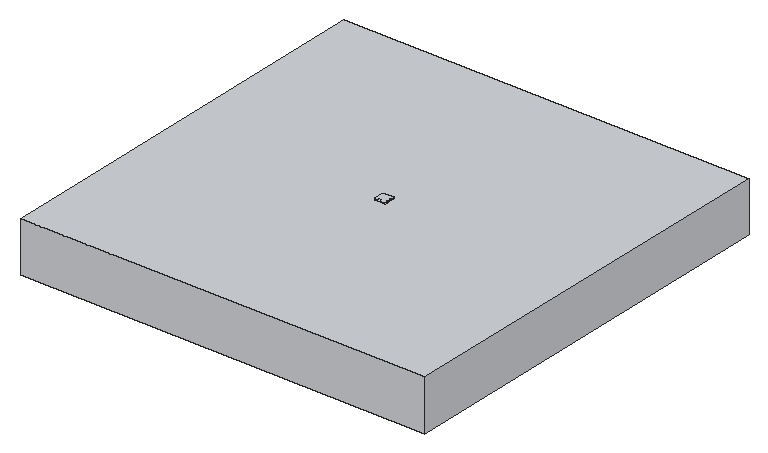
Revit family "Gira_541000rfa", category Allgemeines Modell, Revit 2017
Family settings
  Basisbauteil = Fläche
  Kann Basisbauteil für Bewehrung sein = Nein
  Bemaßung runder Anschluss = Durchmesser verwenden
  Teiletyp = Normal
  Beim Laden mit Abzugskörper schneiden = Nein
  Gemeinsam genutzt = Nein
  Raumberechnungspunkt = Nein
Parameters
  With memory function = no
  With glass breaking detector connection = no
  With brightness sensor connection = no
  With N-busbar = no
  With Astro program = no
  Default Elevation = 1219.2 mm
  URL = "https://www.gira.de/"
  Typname = "S3000 impulse insert Insert"
  Type of load = "Other"
  Type of fastening = "Mounting with claw and screw"
  Transparent = no
  Through loss at 860 MHz [B] = 0.1
  Through loss at 2150 MHz [B] = 0.1
  Temperature [Kelvin] = "[5:45]"
  Switch-off protection = no
  Surface protection = "Other"
  Surface finishing = "Not applicable"
  Suitable for wire wound low voltage transformer = yes
  Suitable for wind sensor = no
  Suitable for staircase time switch = no
  Suitable for rain sensor = no
  Suitable for fluorescent tube/energy-saving lamp = yes
  Suitable for electronic low voltage transformer = yes
  Suitable for degree of protection (IP) = "IP20"
  Suitable for 230 V incandescent lamp/halogen lamp = yes
  Substation input = yes
  Shielded housing = no
  Shielded buses = yes
  Serial dimmer = no
  Separate strain relief = yes
  Random generator = no
  Productwebsite = "http://katalog.gira.de/en/datenblatt.html?artikelnr=541000"
  Only suitable as substation = no
  Nominal voltage [Volt] 3 = "[230:230]"
  Nominal voltage [Volt] 2 = "[230:230]"
  Nominal voltage [Volt] = 230
  Mounting method shielding connection = "Screw"
  Mounting method = "Flush mounted (plaster)"
  Model = "Other"
  Min. depth of built-in installation box [m] = 0.024
  Method of operation = "Turn/push button"
  Mechanical coding = no
  Max. switching power [Voltampere] = 1000
  Material quality = "Other"
  Material = "Other"
  Light value memory = no
  Integrated timer = no
  Input for substation = no
  Hersteller = "Gira"
  Halogen free = no
  HAN = "541000"
  GTIN = "4010337048305"
  Frequency [Hz] = "[50:60]"
  Forced switch off = no
  Dimming phase cut-on = yes
  Dimming phase cut-off = yes
  Degree of protection (IP) = "IP20"
  Data sheet = "https://katalog.gira.de/en/download.html?artikelnr=541000"
  Connection type = "Screwed terminal"
  Colour = "Other"
  Category = "Other"
  Beschreibung = "S3000 impulse ins. Ins.,System 3000 impulse insert,,,Features:,- The staircase lighting mechanism is switched on manually or automatically.,- Manual switching with System 3000 operating top unit.,- Automatic switching with motion detector top unit or Bluetooth presence and motion detector 360 top unit from the System 3000."
  BIM = "https://media.stage.bim.site/public/gira/290f3eb/Einsatz_1fach.rfa"
  Assembly arrangement = "Basic element"
  Applicable with transmission button = no
  Applicable with time switch/timer = no
  Applicable with presence indicator = yes
  Applicable with movement sensor = yes
  Applicable with infrared button = no
  Applicable with button = yes
  App control via Bluetooth = no
Reference planes
  plane 1 "Center (Front/Back)": y = 0
  plane 2: z = 0
  plane 3 "Center (Left/Right)": x = 0
Forms (mm)
  Extrusion 1, solid
    sketch origin (0, 0, 0) x (1, 0, 0) y (0, 1, 0)
      loop
        line (-1219.2, 1219.2) -> (-1219.2, -1219.2) -> (1219.2, -1219.2) -> (1219.2, 1219.2) -> (-1219.2, 1219.2)
    from 0 to -304.8
  Extrusion 2, solid, detail levels fine
    sketch origin (0, 0, 0) x (1, 0, 0) y (0, 1, 0)
      loop
        line (27.475, 35.475) -> (-27.475, 35.475)
        arc (-27.475, 35.475) -> (-33.132, 33.132) -> (-35.475, 27.475) r 8
        line (-35.475, 27.475) -> (-35.475, -27.475)
        arc (-35.475, -27.475) -> (-33.132, -33.132) -> (-27.475, -35.475) r 8
        line (-27.475, -35.475) -> (27.475, -35.475)
        arc (27.475, -35.475) -> (33.132, -33.132) -> (35.475, -27.475) r 8
        line (35.475, -27.475) -> (35.475, 27.475)
        arc (35.475, 27.475) -> (33.132, 33.132) -> (27.475, 35.475) r 8
    from 0 to 1.8
  Extrusion 3, solid, detail levels fine
    sketch origin (0, 0, 0) x (1, 0, 0) y (0, 1, 0)
      loop
        line (9.678, 25.4) -> (-9.678, 25.4)
        arc (-9.678, 25.4) -> (-12.885, 24.922) -> (-15.814, 23.53) r 11
        arc (-15.814, 23.53) -> (-17.795, 22.07) -> (-19.641, 20.444) r 28.35
        arc (-19.641, 20.444) -> (-21.339, 18.665) -> (-22.876, 16.745) r 28.35
        arc (-22.876, 16.745) -> (-24.456, 13.666) -> (-25, 10.248) r 11
        line (-25, 10.248) -> (-25, -10.248)
        arc (-25, -10.248) -> (-24.456, -13.666) -> (-22.876, -16.745) r 11
        arc (-22.876, -16.745) -> (-20.409, -19.677) -> (-17.569, -22.25) r 28.35
        line (-17.569, -22.25) -> (17.569, -22.25)
        arc (17.569, -22.25) -> (20.409, -19.677) -> (22.876, -16.745) r 28.35
        arc (22.876, -16.745) -> (24.456, -13.666) -> (25, -10.248) r 11
        line (25, -10.248) -> (25, 10.248)
        arc (25, 10.248) -> (24.456, 13.666) -> (22.876, 16.745) r 11
        arc (22.876, 16.745) -> (21.593, 18.37) -> (20.195, 19.897) r 28.35
        arc (20.195, 19.897) -> (18.096, 21.823) -> (15.814, 23.53) r 28.35
        arc (15.814, 23.53) -> (12.885, 24.922) -> (9.678, 25.4) r 11
    from 0 to -22
  Extrusion 4, solid, detail levels medium
    sketch origin (0, 0, 0) x (1, 0, 0) y (0, 1, 0)
      loop
        line (-25, 25.4) -> (-25, -22.25) -> (25, -22.25) -> (25, 25.4) -> (-25, 25.4)
    from 0 to -22
  Extrusion 5, solid, detail levels coarse
    sketch origin (0, 0, 0) x (1, 0, 0) y (0, 1, 0)
      loop
        line (35.475, 35.475) -> (-35.475, 35.475) -> (-35.475, -35.475) -> (35.475, -35.475) -> (35.475, 35.475)
    from -22 to 1.8
  Extrusion 6, solid, detail levels medium
    sketch origin (0, 0, 0) x (1, 0, 0) y (0, 1, 0)
      loop
        line (35.475, 35.475) -> (-35.475, 35.475) -> (-35.475, -35.475) -> (35.475, -35.475) -> (35.475, 35.475)
    from 0 to 1.8
Dimensions and locks
  aligned and locked: plane 2 to Extrusion 1
  aligned and locked: level to Extrusion 1
Connectors
  electrical at (0, 0, -22)
    settings: on Extrusion 5, index 1, voltage 220 V, apparent load 0 VA, apparent load phase1 0 VA, apparent load phase2 0 VA, apparent load phase3 0 VA, power factor 1, load classification "Other", number of poles 1, system type 30, power factor state 1, is connector primary yes, connector utility no, sub classification motor no, connector description ""
